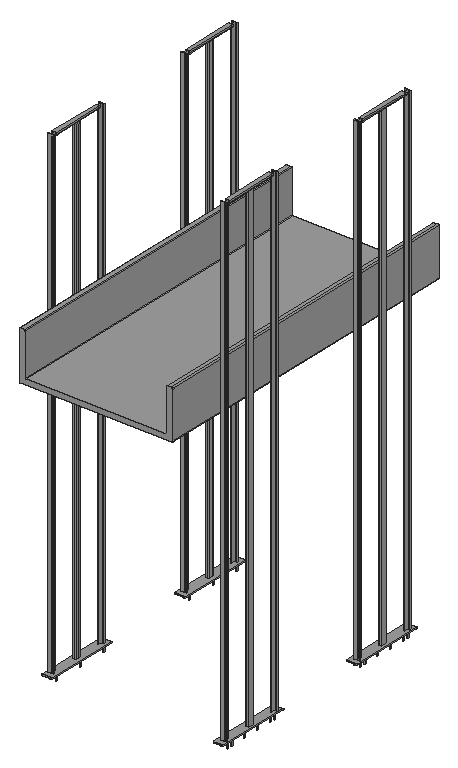
Revit family "SE_Trez_TC_4C_2000_With_Pit", category Specialty Equipment, Revit 2019
Family settings
  Round Connector Dimension = Use Diameter
  Part Type = Normal
  Work Plane-Based = No
  Always vertical = Yes
  Cut with Voids When Loaded = Yes
  Shared = No
  Room Calculation Point = No
Parameters (values of type "Platform-2300x5400mm with Door Height 2500mm")
  Shaft = TREZ_Shaft_Space
  Safe Working Load = 2000.00 kg  # constant formula
  Safe Space = if(Cabin or Platform = Cabin, 900.0 mm, if(and(Cabin or Platform = Platform, Door Clear Height > 1900.0 mm), 600.0 mm, 0.0 mm))  # 600.0 mm
  Platform = Speciality_Equipment_Trez_Platform : Platform
  Door Clear Width = Clear Width  # 2300.0 mm
  Door Clear Height = 2500.0 mm
  Clear Width = 2300.0 mm
  URL = "https://trez.bg/en/products/goods-only-lift-tc/tc-4c-four-cylinder-lift/"
  Shaft Width = Real Width + 2 * Clearance  # 3040.0 mm
  Shaft Depth = Real Depth + 100.0 mm  # 5500.0 mm
  Tower Cladding Material = TREZ_Steel_Cladding
  Real Width = if(Clear Width < 1300.0 mm, 1300.0 mm, if(Clear Width > 2300.0 mm, 2300.0 mm, Clear Width))  # 2300.0 mm
  Real Depth = if(Clear Depth < 2600.0 mm, 2600.0 mm, if(Clear Depth > 5400.0 mm, 5400.0 mm, Clear Depth))  # 5400.0 mm
  Profiles Material = TREZ_Steel
  Platform Material = TREZ_Steel
  Pit Height = 250.0 mm  # constant formula
  Travel = 4500.0 mm
  Rail Height = Travel + Pit Height + Headroom  # 7850.0 mm
  Model = "TC 4C 2000"
  Manufacturer = "TREZ Ltd."
  Headroom = Door Clear Height + Safe Space  # 3100.0 mm
  Description = "Hydraulic goods only lift with four cylinders. "  # constant formula
  Clear Depth = 5400.0 mm
  Created By URL = "https://all1studio.com/"
  Created By = "All 1 Studio Ltd."
  Clearance = 370.0 mm  # constant formula
  Cabin or Platform Back = no
  Cabin or Platform = Speciality_Equipment_Trez_Platform : Platform
  Cabin = Speciality_Equipment_Trez_Cabin : Cabin
Reference planes
  plane 1 "Center (Front/Back)": y = 0
  plane 2: z = 0
  plane 3 "Center (Left/Right)": x = 0
  plane 4: x = -1150
  plane 5: x = 1150
  plane 6: y = 2700
  plane 7: y = -2700
  plane 8: x = 1520
  plane 9: x = -1520
  plane 10: y = 2750
  plane 11: y = -2750
  plane 12: z = 4500
  plane 13 "Top of Lift": z = 7600
  plane 14 "Pit": z = -250
  plane 15: x = -1388.5
  plane 16: x = 1388.5
  plane 17: z = 7540
  plane 18: z = 40
  plane 19: z = -145
  plane 20: y = 1350
  plane 21: y = -1350
Forms (mm)
  Extrusion 1, void
    sketch origin (0, 0, 0) x (1, 0, 0) y (0, 1, 0)
      loop
        line (1520, 2750) -> (-1520, 2750) -> (-1520, -2750) -> (1520, -2750) -> (1520, 2750)
    from 0 to -250
Lines and regions (mm)
  symbolic lines, style "Platform"
    curve 1: line (-1150, 2700, 0) -> (1150, 2700, 0)
    curve 2: line (-1150, -2700, 0) -> (-1150, 2700, 0)
    curve 3: line (1150, -2700, 0) -> (-1150, -2700, 0)
    curve 4: line (1150, 2700, 0) -> (1150, -2700, 0)
    curve 5: line (-1150, 2700, 0) -> (1150, -2700, 0)
    curve 6: line (1150, 2700, 0) -> (-1150, -2700, 0)
  symbolic lines, style "Shaft Volume"
    curve 7: line (-1520, 2750, 0) -> (1520, 2750, 0)
    curve 8: line (-1520, -2750, 0) -> (-1520, 2750, 0)
    curve 9: line (1520, -2750, 0) -> (-1520, -2750, 0)
    curve 10: line (1520, 2750, 0) -> (1520, -2750, 0)
    curve 11: line (-1520, 0, 7600) -> (1520, 0, 7600)
    curve 12: line (-1520, 0, 0) -> (-1520, 0, 7600)
    curve 13: line (1520, 0, 0) -> (-1520, 0, 0)
    curve 14: line (1520, 0, 7600) -> (1520, 0, 0)
    curve 15: line (0, 2750, 7600) -> (0, -2750, 7600)
    curve 16: line (0, 2750, 0) -> (0, 2750, 7600)
    curve 17: line (0, -2750, 0) -> (0, 2750, 0)
    curve 18: line (0, -2750, 7600) -> (0, -2750, 0)
Dimensions and locks
  equal spacing: plane 4, plane 3 "Center (Left/Right)", plane 5
  "Real Width": plane 4 to plane 5
  equal spacing: plane 7, plane 1 "Center (Front/Back)", plane 6
  "Real Depth": plane 7 to plane 6
  "Travel": plane 12 to level
  "Pit Height": level to plane 14 "Pit"
  "Headroom": plane 13 "Top of Lift" to plane 12
  locked: plane 13 "Top of Lift" to plane 17 at 60
  locked: plane 18 to level at 40
  locked: level to plane 19 at 145
  locked: plane 7 to plane 11 at 50
  locked: plane 6 to plane 10 at 50
  locked: plane 9 to plane 15 at 131.5
  locked: plane 16 to plane 8 at 131.5
  "Clearance": plane 5 to plane 8
  "Clearance": plane 9 to plane 4
  equal spacing: plane 1 "Center (Front/Back)", plane 20, plane 6
  equal spacing: plane 7, plane 21, plane 1 "Center (Front/Back)"
  aligned and locked: level to plane 2
  aligned and locked: Extrusion 1 to plane 14 "Pit"
  aligned and locked: plane 1 "Center (Front/Back)" to nested 1
  aligned and locked: nested 1 to plane 3 "Center (Left/Right)"
  aligned and locked: plane 12 to nested 1
  aligned and locked: plane 10 to curve 7
  aligned and locked: curve 8 to plane 9
  aligned and locked: plane 11 to curve 9
  aligned and locked: curve 10 to plane 8
  aligned and locked: curve 11 to plane 13 "Top of Lift"
  aligned and locked: plane 9 to curve 12
  aligned and locked: level to curve 13
  aligned and locked: plane 8 to curve 14
  aligned and locked: plane 13 "Top of Lift" to curve 15
  aligned and locked: curve 16 to plane 10
  aligned and locked: curve 17 to level
  aligned and locked: curve 18 to plane 11
  aligned and locked: Extrusion 1 sketch curve to plane 10
  aligned and locked: Extrusion 1 sketch curve to plane 8
  aligned and locked: Extrusion 1 sketch curve to plane 11
  aligned and locked: Extrusion 1 sketch curve to plane 9
  aligned and locked: plane 15 to nested 2
  aligned and locked: nested 3 to plane 16
  aligned and locked: plane 21 to nested 3
  aligned and locked: nested 2 to plane 21
  aligned and locked: nested 5 to plane 16
  aligned and locked: plane 15 to nested 4
  aligned and locked: nested 5 to plane 20
  aligned and locked: plane 20 to nested 4
  aligned and locked: plane 14 "Pit" to nested 3
  aligned and locked: nested 2 to plane 14 "Pit"
  aligned and locked: nested 4 to plane 14 "Pit"
  aligned and locked: plane 14 "Pit" to nested 5
Automatic sketch dimensions
  curve 3 to plane 4 = 0.0 mm
  curve 4 to plane 5 = 0.0 mm
  curve 3 to plane 7 = 0.0 mm
  plane 6 to curve 2 = 0.0 mm
Nested families
  nested 1: "Speciality_Equipment_Trez_Platform" at (0, 0, 4500), type <- "Cabin or Platform", type "Platform"
    with Width 2300.0 mm, Depth 5400.0 mm, Back Board no
  nested 2: "Generic_Model_Trez_Rails" at (-1388.5, -1350, -250), type "Rails"
    with Height 7850.0 mm
  nested 3: "Generic_Model_Trez_Rails" at (1388.5, -1350, -250) x (-1, 0, 0) z (0, 0, 1), type "Rails"
    with Height 7850.0 mm
  nested 4: "Generic_Model_Trez_Rails" at (-1388.5, 1350, -250), type "Rails"
    with Height 7850.0 mm
  nested 5: "Generic_Model_Trez_Rails" at (1388.5, 1350, -250) x (-1, 0, 0) z (0, 0, 1), type "Rails"
    with Height 7850.0 mm
Definition of nested family "Speciality_Equipment_Trez_Platform"
  Parameters (values of type "Speciality_Equipment_Trez_Platform")
    Width = 3600.0 mm
    Platform Material = none
    Depth = 2900.0 mm
    Back Board = yes
  Reference planes
    plane 1 "Center (Front/Back)": y = 0
    plane 2 "Bottom": z = 0
    plane 3 "Center (Left/Right)": x = 0
    plane 4: x = 1800
    plane 5: x = -1800
    plane 6: y = 1450
    plane 7: y = -1450
    plane 8: x = -1889
    plane 9: x = 1889
    plane 10: y = 1485
    plane 11: z = -89
    plane 12: z = 709
  Forms (mm)
    Extrusion 1, solid, material <- "Platform Material", visible <- "Back Board"
      sketch origin (0, 0, 0) x (1, 0, 0) y (0, 1, 0)
        loop
          line (-1889, 1485) -> (-1889, 1450) -> (1889, 1450) -> (1889, 1485) -> (-1889, 1485)
      from 0 to 709
    Extrusion 2, solid, material <- "Platform Material", detail levels coarse+medium
      sketch origin (0, 0, 0) x (1, 0, 0) y (0, 0, 1)
        loop
          line (-1800, 709) -> (-1889, 709) -> (-1889, -89) -> (1889, -89) -> (1889, 709) -> (1800, 709) -> (1800, 0) -> (-1800, 0) -> (-1800, 709)
      from -1450 to 1450
    Extrusion 3, solid, material <- "Platform Material", detail levels fine
      sketch origin (0, 0, 0) x (1, 0, 0) y (0, 0, 1)
        loop
          arc (-1874, 709) -> (-1884.607, 704.607) -> (-1889, 694) r 15
          line (-1889, 694) -> (-1889, -74)
          arc (-1889, -74) -> (-1884.607, -84.607) -> (-1874, -89) r 15
          line (-1874, -89) -> (1874, -89)
          arc (1874, -89) -> (1884.607, -84.607) -> (1889, -74) r 15
          line (1889, -74) -> (1889, 694)
          arc (1889, 694) -> (1884.607, 704.607) -> (1874, 709) r 15
          line (1874, 709) -> (1815, 709)
          arc (1815, 709) -> (1804.393, 704.607) -> (1800, 694) r 15
          line (1800, 694) -> (1800, 15)
          arc (1800, 15) -> (1795.607, 4.393) -> (1785, 0) r 15
          line (1785, 0) -> (-1785, 0)
          arc (-1785, 0) -> (-1795.607, 4.393) -> (-1800, 15) r 15
          line (-1800, 15) -> (-1800, 694)
          arc (-1800, 694) -> (-1804.393, 704.607) -> (-1815, 709) r 15
          line (-1815, 709) -> (-1874, 709)
      from -1450 to 1450
  Dimensions and locks
    equal spacing: plane 5, plane 3 "Center (Left/Right)", plane 4
    "Width": plane 5 to plane 4
    equal spacing: plane 7, plane 1 "Center (Front/Back)", plane 6
    "Depth": plane 6 to plane 7
    locked: plane 8 to plane 5 at 89
    locked: plane 4 to plane 9 at 89
    locked: plane 10 to plane 6 at 35
    locked: plane 2 "Bottom" to plane 11 at 89
    locked: plane 12 to plane 2 "Bottom" at 709
    aligned and locked: level to plane 2 "Bottom"
    aligned and locked: Extrusion 1 sketch curve to plane 10
    aligned and locked: plane 8 to Extrusion 1 sketch curve
    aligned and locked: plane 5 to Extrusion 2 sketch curve
    aligned and locked: plane 8 to Extrusion 2 sketch curve
    aligned and locked: Extrusion 2 sketch curve to plane 9
    aligned and locked: Extrusion 2 sketch curve to plane 4
    aligned and locked: Extrusion 2 sketch curve to plane 2 "Bottom"
    aligned and locked: Extrusion 2 sketch curve to plane 11
    aligned and locked: Extrusion 2 sketch curve to plane 12
    aligned and locked: Extrusion 2 to plane 6
    aligned and locked: Extrusion 2 to plane 7
    aligned and locked: Extrusion 3 sketch curve to plane 12
    aligned and locked: plane 8 to Extrusion 3 sketch curve
    aligned and locked: plane 5 to Extrusion 3 sketch curve
    aligned and locked: Extrusion 3 sketch curve to plane 4
    aligned and locked: Extrusion 3 sketch curve to plane 9
    aligned and locked: Extrusion 3 sketch curve to plane 2 "Bottom"
    aligned and locked: Extrusion 3 sketch curve to plane 11
    aligned and locked: Extrusion 3 to plane 7
    aligned and locked: Extrusion 3 to plane 6
  Automatic sketch dimensions
    plane 12 to Extrusion 2 sketch curve = 0.0 mm
    Extrusion 1 sketch curve to plane 6 = 0.0 mm
    Extrusion 1 sketch curve to plane 9 = 0.0 mm
    Extrusion 3 sketch curve to plane 12 = 0.0 mm
    Extrusion 3 sketch curve to Extrusion 3 sketch curve = 15.0 mm  (x4)
    plane 5 to Extrusion 3 sketch curve = 15.0 mm
    Extrusion 3 sketch curve to plane 4 = 15.0 mm
    plane 4 to Extrusion 3 sketch curve = 15.0 mm
    Extrusion 3 sketch curve to plane 9 = 15.0 mm
Definition of nested family "Generic_Model_Trez_Rails"
  Parameters (values of type "SE_Trez_Rails")
    Profiles Material = none
    Height = 8720.0 mm
  Reference planes
    plane 1 "Center (Front/Back)": y = 0
    plane 2: z = 0
    plane 3 "Center (Left/Right)": x = 0
    plane 4: x = 87.2
    plane 5: x = -87.2
    plane 6: y = 607.5
    plane 7: y = -607.5
    plane 8: z = 8720
    plane 9: z = 15
    plane 10: z = 8685
    plane 11: z = -95
  Forms (mm)
    Extrusion 1, solid, material <- "Profiles Material", detail levels fine
      sketch origin (0, 0, 0) x (1, 0, 0) y (0, 1, 0)
        loop
          line (77.2, 607.5) -> (-77.2, 607.5)
          arc (-77.2, 607.5) -> (-84.271, 604.571) -> (-87.2, 597.5) r 10
          line (-87.2, 597.5) -> (-87.2, -597.5)
          arc (-87.2, -597.5) -> (-84.271, -604.571) -> (-77.2, -607.5) r 10
          line (-77.2, -607.5) -> (77.2, -607.5)
          arc (77.2, -607.5) -> (84.271, -604.571) -> (87.2, -597.5) r 10
          line (87.2, -597.5) -> (87.2, 597.5)
          arc (87.2, 597.5) -> (84.271, 604.571) -> (77.2, 607.5) r 10
      from 0 to 15
    Extrusion 2, solid, material <- "Profiles Material", detail levels fine
      sketch origin (0, 0, 0) x (1, 0, 0) y (0, 1, 0)
        loop
          line (-61.5, -517.5) -> (28.5, -517.5) -> (28.5, -509.5) -> (-3.5, -509.5)
          arc (-3.5, -509.5) -> (-7.036, -508.036) -> (-8.5, -504.5) r 5
          line (-8.5, -504.5) -> (-8.5, -442.5) -> (-24.5, -442.5) -> (-24.5, -504.5)
          arc (-24.5, -504.5) -> (-25.964, -508.036) -> (-29.5, -509.5) r 5
          line (-29.5, -509.5) -> (-61.5, -509.5) -> (-61.5, -517.5)
        loop
          line (-37.94, -40) -> (-1.94, -40)
          arc (-1.94, -40) -> (8.667, -35.607) -> (13.06, -25) r 15
          line (13.06, -25) -> (13.06, 25)
          arc (13.06, 25) -> (8.667, 35.607) -> (-1.94, 40) r 15
          line (-1.94, 40) -> (-37.94, 40) -> (-37.94, -40)
        loop
          line (-61.5, 517.5) -> (-61.5, 509.5) -> (-29.5, 509.5)
          arc (-29.5, 509.5) -> (-25.964, 508.036) -> (-24.5, 504.5) r 5
          line (-24.5, 504.5) -> (-24.5, 442.5) -> (-8.5, 442.5) -> (-8.5, 504.5)
          arc (-8.5, 504.5) -> (-7.036, 508.036) -> (-3.5, 509.5) r 5
          line (-3.5, 509.5) -> (28.5, 509.5) -> (28.5, 517.5) -> (-61.5, 517.5)
      from 15 to 8720
    Extrusion 3, solid, material <- "Profiles Material", detail levels fine
      sketch origin (0, 0, 0) x (1, 0, 0) y (0, 0, 1)
        loop
          line (-51.5, 8720) -> (-51.5, 8690)
          arc (-51.5, 8690) -> (-50.036, 8686.464) -> (-46.5, 8685) r 5
          line (-46.5, 8685) -> (13.5, 8685)
          arc (13.5, 8685) -> (17.036, 8686.464) -> (18.5, 8690) r 5
          line (18.5, 8690) -> (18.5, 8720) -> (-51.5, 8720)
      from -442.5 to 442.5
    Extrusion 4, solid, material <- "Profiles Material", detail levels coarse+medium
      sketch origin (0, 0, 0) x (1, 0, 0) y (0, 1, 0)
        loop
          line (87.2, 607.5) -> (-87.2, 607.5) -> (-87.2, -607.5) -> (87.2, -607.5) -> (87.2, 607.5)
      from 0 to 15
    Extrusion 5, solid, material <- "Profiles Material", detail levels coarse+medium
      sketch origin (0, 0, 0) x (1, 0, 0) y (0, 1, 0)
        loop
          line (-61.5, -517.5) -> (28.5, -517.5) -> (28.5, -442.5) -> (-61.5, -442.5) -> (-61.5, -517.5)
        loop
          line (-37.94, -40) -> (13.06, -40) -> (13.06, 40) -> (-37.94, 40) -> (-37.94, -40)
        loop
          line (-61.5, 517.5) -> (-61.5, 442.5) -> (28.5, 442.5) -> (28.5, 517.5) -> (-61.5, 517.5)
      from 15 to 8720
    Extrusion 6, solid, material <- "Profiles Material", detail levels coarse+medium
      sketch origin (0, 0, 0) x (1, 0, 0) y (0, 0, 1)
        loop
          line (-51.5, 8720) -> (-51.5, 8690)
          arc (-51.5, 8690) -> (-50.036, 8686.464) -> (-46.5, 8685) r 5
          line (-46.5, 8685) -> (13.5, 8685)
          arc (13.5, 8685) -> (17.036, 8686.464) -> (18.5, 8690) r 5
          line (18.5, 8690) -> (18.5, 8720) -> (-51.5, 8720)
      from -442.5 to 442.5
    Extrusion 7, solid, material <- "Profiles Material", detail levels fine
      sketch origin (0, 0, 0) x (1, 0, 0) y (0, 1, 0)
        loop
          circle (46.2, 480) r 7.5
        loop
          circle (-43.8, 480) r 7.5
        loop
          circle (-43.8, 390) r 7.5
        loop
          circle (46.2, -480) r 7.5
        loop
          circle (-43.8, -480) r 7.5
        loop
          circle (-43.8, -390) r 7.5
        loop
          circle (-43.8, -130) r 7.5
        loop
          circle (-43.8, 130) r 7.5
        loop
          circle (46.2, 0.052) r 7.5
      from -95 to 0
  Cuts and joins
    joined: Extrusion 2, Extrusion 3
    joined: Extrusion 5, Extrusion 6
  Lines and regions (mm)
    symbolic lines
      curve 1: line (28.5, 442.5, 0) -> (-61.5, 442.5, 0)
      curve 2: line (28.5, 517.5, 0) -> (28.5, 442.5, 0)
      curve 3: line (-61.5, 517.5, 0) -> (28.5, 517.5, 0)
      curve 4: line (-61.5, 442.5, 0) -> (-61.5, 517.5, 0)
      curve 5: line (13.06, 40, 0) -> (-37.94, 40, 0)
      curve 6: line (13.06, -40, 0) -> (13.06, 40, 0)
      curve 7: line (-37.94, -40, 0) -> (13.06, -40, 0)
      curve 8: line (-37.94, 40, 0) -> (-37.94, -40, 0)
      curve 9: line (28.5, -442.5, 0) -> (-61.5, -442.5, 0)
      curve 10: line (28.5, -517.5, 0) -> (28.5, -442.5, 0)
      curve 11: line (-61.5, -517.5, 0) -> (28.5, -517.5, 0)
      curve 12: line (-61.5, -442.5, 0) -> (-61.5, -517.5, 0)
      curve 13: line (87.2, -607.5, 0) -> (-87.2, -607.5, 0)
      curve 14: line (87.2, 607.5, 0) -> (87.2, -607.5, 0)
      curve 15: line (-87.2, 607.5, 0) -> (87.2, 607.5, 0)
      curve 16: line (-87.2, -607.5, 0) -> (-87.2, 607.5, 0)
  Dimensions and locks
    equal spacing: plane 5, plane 3 "Center (Left/Right)", plane 4
    plane 5 to plane 4 = 174.4 mm
    equal spacing: plane 6, plane 1 "Center (Front/Back)", plane 7
    plane 7 to plane 6 = 1215.0 mm
    "Height": plane 8 to plane 2
    locked: plane 9 to plane 2 at 15
    locked: plane 8 to Extrusion 3 sketch curve at 35
    locked: plane 8 to plane 10 at 35
    locked: plane 2 to plane 11 at 95
    aligned and locked: level to plane 2
    aligned and locked: Extrusion 1 sketch curve to plane 6
    aligned and locked: plane 4 to Extrusion 1 sketch curve
    aligned and locked: Extrusion 1 sketch curve to plane 7
    aligned and locked: plane 5 to Extrusion 1 sketch curve
    aligned and locked: plane 8 to Extrusion 2
    aligned and locked: Extrusion 1 to plane 9
    aligned and locked: plane 9 to Extrusion 2
    aligned and locked: Extrusion 4 sketch curve to plane 6
    aligned and locked: plane 4 to Extrusion 4 sketch curve
    aligned and locked: Extrusion 4 sketch curve to plane 7
    aligned and locked: plane 5 to Extrusion 4 sketch curve
    aligned and locked: Extrusion 4 to plane 9
    aligned and locked: Extrusion 4 to plane 2
    aligned and locked: plane 8 to Extrusion 5
    aligned and locked: plane 8 to Extrusion 3 sketch curve
    aligned and locked: Extrusion 3 to Extrusion 5  (x2)
    aligned and locked: Extrusion 7 to plane 11
    aligned and locked: plane 2 to Extrusion 7
  Automatic sketch dimensions
    Extrusion 2 sketch curve to plane 5 = 25.7 mm  (x2)
    Extrusion 2 sketch curve to plane 3 "Center (Left/Right)" = 29.5 mm  (x2)
    Extrusion 2 sketch curve to Extrusion 2 sketch curve = 5.0 mm
    Extrusion 2 sketch curve to plane 3 "Center (Left/Right)" = 24.5 mm
    Extrusion 2 sketch curve to plane 3 "Center (Left/Right)" = 8.5 mm  (x2)
    Extrusion 2 sketch curve to plane 3 "Center (Left/Right)" = 3.5 mm  (x2)
    Extrusion 2 sketch curve to plane 3 "Center (Left/Right)" = 1.94 mm  (x2)
    Extrusion 2 sketch curve to Extrusion 2 sketch curve = 15.0 mm
    plane 3 "Center (Left/Right)" to Extrusion 2 sketch curve = 28.5 mm  (x2)
    plane 7 to Extrusion 2 sketch curve = 90.0 mm
    Extrusion 2 sketch curve to Extrusion 2 sketch curve = 8.0 mm  (x3)
    Extrusion 2 sketch curve to Extrusion 2 sketch curve = 62.0 mm  (x2)
    Extrusion 2 sketch curve to plane 1 "Center (Front/Back)" = 25.0 mm
    plane 6 to Extrusion 2 sketch curve = 165.0 mm
    Extrusion 2 sketch curve to Extrusion 2 sketch curve = 0.0 mm
    Extrusion 2 sketch curve to plane 3 "Center (Left/Right)" = 37.94 mm
    plane 1 "Center (Front/Back)" to Extrusion 2 sketch curve = 40.0 mm
    Extrusion 3 sketch curve to Extrusion 3 sketch curve = 5.0 mm  (x2)
    plane 3 "Center (Left/Right)" to Extrusion 3 sketch curve = 13.5 mm
    Extrusion 3 sketch curve to plane 5 = 40.7 mm
    Extrusion 1 sketch curve to plane 5 = 10.0 mm
    Extrusion 1 sketch curve to Extrusion 1 sketch curve = 10.0 mm
    Extrusion 1 sketch curve to plane 4 = 10.0 mm  (x2)
    Extrusion 5 sketch curve to plane 5 = 25.7 mm  (x2)
    Extrusion 5 sketch curve to plane 3 "Center (Left/Right)" = 37.94 mm
    plane 3 "Center (Left/Right)" to Extrusion 5 sketch curve = 28.5 mm  (x2)
    plane 3 "Center (Left/Right)" to Extrusion 5 sketch curve = 13.06 mm
    plane 7 to Extrusion 5 sketch curve = 90.0 mm
    plane 1 "Center (Front/Back)" to Extrusion 5 sketch curve = 40.0 mm
    plane 6 to Extrusion 5 sketch curve = 165.0 mm
    Extrusion 5 sketch curve to Extrusion 5 sketch curve = 75.0 mm  (x2)
    Extrusion 5 sketch curve to plane 1 "Center (Front/Back)" = 40.0 mm
    Extrusion 6 sketch curve to plane 8 = 0.0 mm
    Extrusion 6 sketch curve to plane 10 = 0.0 mm
    plane 10 to Extrusion 6 sketch curve = 5.0 mm  (x2)
    Extrusion 6 sketch curve to plane 5 = 35.7 mm
    plane 3 "Center (Left/Right)" to Extrusion 6 sketch curve = 13.5 mm
    curve 16 to plane 5 = 0.0 mm
    curve 15 to plane 4 = 0.0 mm
    curve 13 to plane 7 = 0.0 mm
    plane 6 to curve 15 = 0.0 mm
    curve 3 to plane 5 = 25.7 mm
    curve 12 to plane 5 = 25.7 mm
    curve 5 to plane 3 "Center (Left/Right)" = 37.94 mm
    plane 3 "Center (Left/Right)" to curve 5 = 13.06 mm
    plane 3 "Center (Left/Right)" to curve 11 = 28.5 mm
    plane 3 "Center (Left/Right)" to curve 2 = 28.5 mm
    plane 7 to curve 11 = 90.0 mm
    curve 10 to curve 10 = 75.0 mm
    plane 1 "Center (Front/Back)" to curve 7 = 40.0 mm
    curve 5 to plane 1 "Center (Front/Back)" = 40.0 mm
    plane 6 to curve 2 = 165.0 mm
    curve 1 to curve 3 = 75.0 mm
    Extrusion 7 sketch curve to plane 5 = 43.4 mm  (x6)
    Extrusion 7 sketch curve to plane 4 = 41.0 mm  (x3)
    plane 7 to Extrusion 7 sketch curve = 127.5 mm
    Extrusion 7 sketch curve to Extrusion 7 sketch curve = 0.0 mm  (x2)
    Extrusion 7 sketch curve to Extrusion 7 sketch curve = 90.0 mm  (x2)
    plane 6 to Extrusion 7 sketch curve = 217.5 mm
    Extrusion 7 sketch curve to plane 1 "Center (Front/Back)" = 0.052 mm
    plane 1 "Center (Front/Back)" to Extrusion 7 sketch curve = 130.0 mm
    Extrusion 7 sketch curve to plane 1 "Center (Front/Back)" = 130.0 mm
    radius of Extrusion 7 sketch curve = 7.5 mm  (x9)
